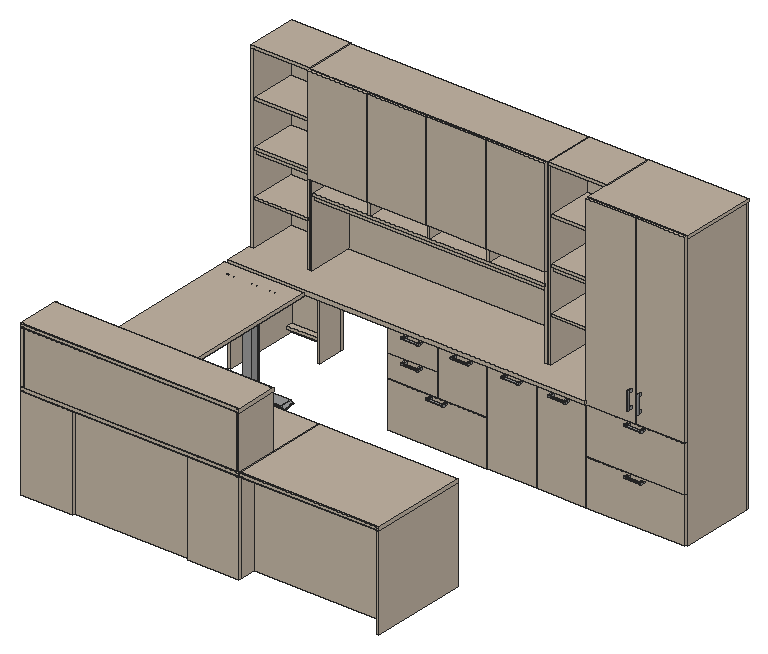
Revit family "JSI-Vision-Typical_Laminate-VST112", category Furniture, Revit 2020 (continued)
Definition of nested family "JSI-Vision-File_File_Lateral_Storage_Cabinet"
  Dimensions and locks (in)
    aligned and locked: Extrusion 8 to plane 46
    aligned and locked: plane 21 to Extrusion 8
    aligned and locked: Extrusion 11 to plane 20
    aligned and locked: plane 21 to Extrusion 11
    aligned and locked: plane 42 to nested 5
    aligned and locked: plane 43 to nested 4
    aligned and locked: plane 24 to nested 4
    aligned and locked: plane 24 to nested 5
    aligned and locked: Extrusion 8 to plane 39
    aligned and locked: plane 13 to Extrusion 9
    aligned and locked: plane 13 to Extrusion 10
    aligned and locked: plane 44 to nested 1
    aligned and locked: curve 1 to Extrusion 4
    aligned and locked: curve 2 to Extrusion 4
    aligned and locked: curve 3 to Extrusion 4
    aligned and locked: curve 4 to Extrusion 4
    aligned and locked: curve 5 to Extrusion 8
    aligned and locked: curve 6 to Extrusion 8
    aligned and locked: curve 7 to Extrusion 8
    aligned and locked: curve 8 to Extrusion 8
    aligned and locked: curve 9 to Extrusion 7
    aligned and locked: curve 10 to Extrusion 7
    aligned and locked: curve 11 to Extrusion 7
    aligned and locked: curve 12 to Extrusion 7
    aligned and locked: Extrusion 11 sketch curve to plane 40
    aligned and locked: plane 22 to Extrusion 11 sketch curve
    aligned and locked: Extrusion 11 sketch curve to Extrusion 11 sketch curve  (x2)
    aligned and locked: plane 44 to nested 5
    aligned and locked: plane 44 to nested 4
  Automatic sketch dimensions
    Extrusion 9 sketch curve to Extrusion 9 sketch curve = 3/4"
    Extrusion 10 sketch curve to Extrusion 10 sketch curve = 3/4"
    Extrusion 7 sketch curve to plane 20 = 0"
    plane 21 to Extrusion 8 sketch curve = 0"
    Extrusion 7 sketch curve to plane 30 = 1 5/8"
    Extrusion 8 sketch curve to plane 30 = 1 1/2"
    Extrusion 12 sketch curve to Extrusion 12 sketch curve = 3/4"
    Extrusion 13 sketch curve to Extrusion 13 sketch curve = 3/4"
    Extrusion 14 sketch curve to Extrusion 14 sketch curve = 3/4"
  Nested families (in)
    nested 1: "Label 1-16 OH" at (18, -23.875, 0), type "OH DOORS"
    nested 2: "Vertical Bar Pull" at (19.5625, -23.875, 34.25), Pull Finish <- "Pull Finish", type "PL"
      with Pull Finish none
    nested 3: "Vertical Bar Pull" at (16.4375, -23.875, 34.25), Pull Finish <- "Pull Finish", type "PL"
      with Pull Finish none
    nested 4: "Bar Pull" at (18, -23.875, 13.2), Pull Finish <- "Pull Finish", type "PL"
      with Pull Finish none
    nested 5: "Bar Pull" at (18, -23.875, 27.135), Pull Finish <- "Pull Finish", type "PL"
      with Pull Finish none
  Definition of nested family "Vertical Bar Pull"
    Parameters
      Pull Finish [instance] = none
      Default Elevation = 0"
    Reference planes (in)
      plane 1 "Center Front/Back": y = 0
      plane 2: z = 0
      plane 3 "Center Left/Right": x = 0
      plane 4: x = -2.68731
      plane 5: x = -1.88731
      plane 6: x = 2.68731
      plane 7: x = 1.88731
      plane 8: y = -1
      plane 9: y = -0.85202
      plane 10: z = 2.68731
      plane 11: z = 1.88731
      plane 12: z = -1.88731
      plane 13: z = -2.68731
    Forms (in)
      Extrusion 1, solid, material <- "Pull Finish"
        sketch origin (0, 0, 0) x (0, 1, 0) y (-1, 0, 0)
          loop
            line (0, -0.2015) -> (0, 0.2015) -> (-0.85202, 0.2015)
            arc (-0.85202, 0.2015) -> (-0.75, 0) -> (-0.85202, -0.2015) r 0.25
            line (-0.85202, -0.2015) -> (0, -0.2015)
        from 1.88731 to 2.68731
      Extrusion 2, solid, material <- "Pull Finish"
        sketch origin (0, 0, 0) x (0, 1, 0) y (-1, 0, 0)
          loop
            circle (-1, 0) r 0.25
        from -2.68731 to 2.68731
      Extrusion 3, solid, material <- "Pull Finish"
        sketch origin (0, 0, 0) x (1, 0, 0) y (0, 1, 0)
          loop
            line (0.2015, 0) -> (-0.2015, 0) -> (-0.2015, -0.85202)
            arc (-0.2015, -0.85202) -> (0, -0.75) -> (0.2015, -0.85202) r 0.25
            line (0.2015, -0.85202) -> (0.2015, 0)
        from 1.88731 to 2.68731
      Extrusion 4, solid, material <- "Pull Finish"
        sketch origin (0, 0, -4.57462) x (1, 0, 0) y (0, 1, 0)
          loop
            line (0.2015, 0) -> (-0.2015, 0) -> (-0.2015, -0.85202)
            arc (-0.2015, -0.85202) -> (0, -0.75) -> (0.2015, -0.85202) r 0.25
            line (0.2015, -0.85202) -> (0.2015, 0)
        from 1.88731 to 2.68731
    Dimensions and locks (in)
      plane 4 to plane 5 to plane 3 "Center Left/Right" to plane 7 to plane 6 = 0.8" locked, 1.88731" locked, 1.88731" locked, 0.8" locked
      plane 8 to plane 9 to plane 1 "Center Front/Back" = 0.14798" locked, 0.85202" locked
      plane 13 to plane 12 to plane 2 to plane 11 to plane 10 = 0.8" locked, 1.88731" locked, 1.88731" locked, 0.8" locked
      plane 1 "Center Front/Back" to plane 9 to plane 8 = 0.85202" locked, 0.14798" locked
      aligned and locked: level to plane 2
      aligned and locked: plane 8 to Extrusion 2 sketch curve
      aligned and locked: Extrusion 3 to plane 1 "Center Front/Back"
      aligned and locked: Extrusion 1 to plane 1 "Center Front/Back"
      aligned and locked: Extrusion 4 to plane 1 "Center Front/Back"
      aligned and locked: Extrusion 3 to plane 10
      aligned and locked: Extrusion 3 to plane 11
      aligned and locked: Extrusion 2 to plane 10
      aligned and locked: Extrusion 2 to plane 13
      aligned and locked: Extrusion 4 to plane 13
      aligned and locked: Extrusion 4 to plane 12
      aligned and locked: plane 1 "Center Front/Back" to Extrusion 4
      aligned and locked: plane 1 "Center Front/Back" to Extrusion 3
      aligned and locked: Extrusion 4 to plane 9
      aligned and locked: Extrusion 3 to plane 9
  Definition of nested family "Bar Pull"
    Parameters
      Pull Finish [instance] = none
      Default Elevation = 0"
    Reference planes (in)
      plane 1 "Center Front/Back": y = 0
      plane 2: z = 0
      plane 3 "Center Left/Right": x = 0
      plane 4: x = -2.68731
      plane 5: x = -1.88731
      plane 6: x = 2.68731
      plane 7: x = 1.88731
      plane 8: y = -1
      plane 9: y = -0.85202
    Forms (in)
      Extrusion 1, solid, material <- "Pull Finish"
        sketch origin (0, 0, 0) x (0, 1, 0) y (0, 0, 1)
          loop
            line (0, -0.2015) -> (0, 0.2015) -> (-0.85202, 0.2015)
            arc (-0.85202, 0.2015) -> (-0.75, 0) -> (-0.85202, -0.2015) r 0.25
            line (-0.85202, -0.2015) -> (0, -0.2015)
        from 1.88731 to 2.68731
      Extrusion 2, solid, material <- "Pull Finish"
        sketch origin (0, 0, 0) x (0, 1, 0) y (0, 0, 1)
          loop
            circle (-1, 0) r 0.25
        from -2.68731 to 2.68731
      Extrusion 3, solid, material <- "Pull Finish"
        sketch origin (0, 0, 0) x (0, 1, 0) y (0, 0, -1)
          loop
            line (0, 0.2015) -> (-0.85202, 0.2015)
            arc (-0.85202, 0.2015) -> (-0.75, 0) -> (-0.85202, -0.2015) r 0.25
            line (-0.85202, -0.2015) -> (0, -0.2015) -> (0, 0.2015)
        from 1.88731 to 2.68731
    Dimensions and locks (in)
      plane 4 to plane 5 to plane 3 "Center Left/Right" to plane 7 to plane 6 = 0.8" locked, 1.88731" locked, 1.88731" locked, 0.8" locked
      plane 8 to plane 9 to plane 1 "Center Front/Back" = 0.14798" locked, 0.85202" locked
      aligned and locked: level to plane 2
      aligned and locked: plane 4 to Extrusion 3
      aligned and locked: Extrusion 3 to plane 5
      aligned and locked: plane 4 to Extrusion 2
      aligned and locked: Extrusion 1 to plane 7
      aligned and locked: plane 6 to Extrusion 1
      aligned and locked: plane 6 to Extrusion 2
      aligned and locked: plane 8 to Extrusion 2 sketch curve
      aligned and locked: Extrusion 3 to plane 1 "Center Front/Back"
      aligned and locked: Extrusion 1 to plane 1 "Center Front/Back"
      aligned and locked: plane 5 to Extrusion 3
      aligned and locked: Extrusion 3 to plane 4
      aligned and locked: Extrusion 2 to plane 4
      aligned and locked: plane 7 to Extrusion 1
      aligned and locked: Extrusion 1 to plane 6
      aligned and locked: Extrusion 2 to plane 6
  Definition of nested family "Label 1-16 OH"
    Parameters
      Width = 1"
      Model Name = "Storage/Lat File"
    Reference planes (in)
      plane 1: y = 0
      plane 2: x = 0
    Text (in)
      label "XX" at (0.00051, -0.12324, 0), shows "Model Name"
Definition of nested family "JSI-Vision-Modular_Multi_File_Pedestal"
  Parameters (values of type "Type Catalog")
    Width = 30"
    URL = "www.jsifurniture.com"
    Tag = "Multi File"
    Series = "Vision Casegoods"  # constant formula
    Pull Finish = none
    Multi Pstn = if(L, (Width / 4) + 1/8", (3 * Width / 4) + 1/8")  # 7 5/8"
    Model = "Type Catalog"
    Manufacturer = "JSI"  # constant formula
    L = yes
    Keynote = "12500"
    JSI Enviromental website = "http://www.jsifurniture.com/jsi_sustainability_intro.php"
    Height = 28"
    Drwr Width = (Width / 2) - 1/8"  # 14 7/8"
    Description = "Type Catalog"
    Depth = 20"
    Default Elevation = 0"
    Chassis = none
    Grommet Finish = none
    Drawer Front = none
    Assembly Code = "E2020200"
  Reference planes (in)
    plane 1 "Center Front/Back": y = 0
    plane 2: z = 0
    plane 3 "Center Left/Right": x = 0
    plane 4: x = 0.125
    plane 5: x = 30.125
    plane 6: x = 30.25
    plane 7: y = -18.9795
    plane 8: y = -0.1875
    plane 9: y = -19.1095
    plane 10: x = 0.18716
    plane 11: x = 30.06243
    plane 12: y = -19.8595
    plane 13: z = 0.14093
    plane 14: z = 13.95343
    plane 15: z = 14.07843
    plane 16: z = 27.89093
    plane 17: z = 28
    plane 18: x = 0.875
    plane 19: x = 29.376
    plane 20: y = -0.9375
    plane 21: y = -18.23863
    plane 22: z = 13.20284
    plane 23: z = 26.5625
    plane 24: y = -3.9375
    plane 25: x = 15.125
    plane 26: y = -20
    plane 27: y = -9.80266
    plane 28: y = -14.80266
    plane 29: z = 27.09458
    plane 30: z = 21.04768
    plane 31: z = 20.92218
    plane 32: z = 20.17102
    plane 33: x = 7.625
    plane 34: x = 22.625
  Forms (in)
    Extrusion 1, solid, material <- "Chassis"
      sketch origin (0.125, -0.1875, 48) x (0, 1, 0) y (0, 0, 1)
        loop
          line (0, -20) -> (-1.62159, -20) -> (-18.792, -20) -> (-18.792, -48) -> (0, -48) -> (0, -20)
      from 0 to 0.75
    Extrusion 2, solid, material <- "Chassis"
      sketch origin (30.125, -0.1875, 48) x (0, 1, 0) y (0, 0, 1)
        loop
          line (0, -20) -> (-1.14496, -20) -> (-18.792, -20) -> (-18.792, -48) -> (0, -48) -> (0, -20)
      from -0.749 to 0
    Extrusion 3, solid, material <- "Drawer Front"
      sketch origin (0, 0, 0) x (1, 0, 0) y (0, 0, 1)
        loop
          line (0.18716, 13.95343) -> (0.18716, 0.14093) -> (30.06243, 0.14093) -> (30.06243, 13.95343) -> (0.18716, 13.95343)
      from 19.1095 to 19.8595
    Extrusion 4, solid, material <- "Chassis"
      sketch origin (0, 0, 0) x (1, 0, 0) y (0, 1, 0)
        loop
          line (0.875, -18.23863) -> (0.875, -18.9795) -> (29.376, -18.9795) -> (29.376, -18.23863) -> (0.875, -18.23863)
      from 0 to 1.9375
    Extrusion 5, solid, material <- "Chassis"
      sketch origin (0, 0, 0) x (0, 1, 0) y (0, 0, 1)
        loop
          line (-9.80266, 27.09458) -> (-9.80266, 27.89093) -> (-14.80266, 27.89093) -> (-14.80266, 27.09458) -> (-9.80266, 27.09458)
      from 0.875 to 29.376
    Extrusion 6, solid, material <- "Drawer Front"
      sketch origin (0, 0, 0) x (1, 0, 0) y (0, 0, 1)
        loop
          line (0.1875, 14.07843) -> (15.0625, 14.07843) -> (15.0625, 27.89093) -> (0.1875, 27.89093) -> (0.1875, 14.07843)
      from 19.1095 to 19.8595
    Extrusion 7, solid, material <- "Drawer Front"
      sketch origin (0, 0, 0) x (1, 0, 0) y (0, 0, 1)
        loop
          line (15.1875, 21.04768) -> (30.0625, 21.04768) -> (30.0625, 27.89093) -> (15.1875, 27.89093) -> (15.1875, 21.04768)
        loop
          line (15.1875, 20.92218) -> (15.1875, 14.07843) -> (30.0625, 14.07843) -> (30.0625, 20.92218) -> (15.1875, 20.92218)
      from 19.1095 to 19.8595
    Extrusion 8, solid, material <- "Chassis"
      sketch origin (0, 0, 0) x (0, 1, 0) y (0, 0, 1)
        loop
          line (-0.1875, 28) -> (-0.9375, 28) -> (-0.9375, 23) -> (-0.1875, 23) -> (-0.1875, 28)
        loop
          line (-0.1875, 5) -> (-0.9375, 5) -> (-0.9375, 0) -> (-0.1875, 0) -> (-0.1875, 5)
      from 0.875 to 29.376
  Lines and regions (in)
    symbolic lines
      curve 1: line (0.125, -18.9795, 0) -> (0.125, -0.1875, 0)
      curve 2: line (30.125, -0.1875, 0) -> (30.125, -18.9795, 0)
      curve 3: line (0.18716, -19.1095, 0) -> (30.06243, -19.1095, 0)
      curve 4: line (0.18716, -19.8595, 0) -> (0.18716, -19.1095, 0)
      curve 5: line (30.06243, -19.8595, 0) -> (0.18716, -19.8595, 0)
      curve 6: line (30.06243, -19.1095, 0) -> (30.06243, -19.8595, 0)
      curve 7: line (0.875, -0.9375, 0) -> (0.875, -18.9795, 0)
      curve 8: line (0.125, -18.9795, 0) -> (0.875, -18.9795, 0)
      curve 9: line (29.376, -0.9375, 0) -> (29.376, -18.9795, 0)
      curve 10: line (29.376, -18.9795, 0) -> (30.125, -18.9795, 0)
      curve 11: line (0.875, -14.80266, 0) -> (29.376, -14.80266, 0)
      curve 12: line (0.875, -9.80266, 0) -> (29.376, -9.80266, 0)
      curve 13: line (30.125, -0.1875, 0) -> (0.125, -0.1875, 0)
      curve 14: line (0.875, -0.9375, 0) -> (29.376, -0.9375, 0)
  Dimensions and locks (in)
    plane 3 "Center Left/Right" to plane 4 = 1/8"
    locked: plane 5 to plane 6 at 0.125
    "Width": plane 4 to plane 5
    locked: plane 1 "Center Front/Back" to plane 8 at 0.1875
    "Height": plane 17 to level
    locked: plane 8 to plane 20 at 0.75
    plane 21 to plane 7 to plane 9 to plane 12 = 0.74087" locked, 0.13" locked, 3/4" locked
    plane 4 to plane 10 to plane 18 = 0.06216" locked, 0.68784" locked
    plane 19 to plane 11 to plane 5 = 0.68644" locked, 0.06257" locked
    locked: plane 17 to plane 23 at 1.4375
    locked: plane 1 "Center Front/Back" to plane 24 at 3.9375
    plane 3 "Center Left/Right" to plane 25 to plane 6 = 15 1/8", 15 1/8"
    "Depth": plane 26 to plane 1 "Center Front/Back"
    locked: plane 12 to plane 26 at 0.1405
    plane 27 to plane 28 to plane 26 = 5" locked, 5.19734" locked
    equal spacing: Extrusion 7 sketch curve, plane 34, Extrusion 7 sketch curve
    "Drwr Width": Extrusion 7 sketch curve to Extrusion 7 sketch curve
    equal spacing: Extrusion 6 sketch curve, plane 33, Extrusion 6 sketch curve
    "Drwr Width": Extrusion 6 sketch curve to Extrusion 6 sketch curve
    "Multi Pstn": plane 33 to plane 3 "Center Left/Right"
    "Multi Pstn": plane 34 to plane 6
    plane 33 to plane 6 = 22 5/8"
    plane 17 to plane 16 to plane 30 to plane 31 to plane 15 to plane 14 to plane 13 to plane 2 = 0.10907" locked, 6.84325" locked, 0.1255" locked, 6 27/32" locked, 1/8" locked, 13 13/16" locked, 0.14093" locked
    plane 29 to plane 32 to plane 22 to plane 2 = 6.92356" locked, 6.96819" locked, 13.20284" locked
    locked: plane 17 to Extrusion 8 sketch curve at 5
    locked: plane 2 to Extrusion 8 sketch curve at 5
    aligned and locked: level to plane 2
    aligned and locked: Extrusion 1 sketch curve to plane 7
    aligned and locked: Extrusion 1 sketch curve to level
    aligned and locked: Extrusion 2 sketch curve to plane 17
    aligned and locked: level to Extrusion 2 sketch curve
    aligned and locked: plane 7 to Extrusion 2 sketch curve
    aligned and locked: Extrusion 3 sketch curve to plane 14
    aligned and locked: Extrusion 3 sketch curve to plane 10
    aligned and locked: plane 13 to Extrusion 3 sketch curve
    aligned and locked: plane 11 to Extrusion 3 sketch curve
    aligned and locked: Extrusion 3 to plane 12
    aligned and locked: plane 9 to Extrusion 3
    aligned and locked: Extrusion 4 sketch curve to plane 21
    aligned and locked: plane 18 to Extrusion 4 sketch curve
    aligned and locked: plane 22 to nested 1
    aligned and locked: nested 1 to plane 12
    aligned and locked: nested 2 to plane 12
    aligned and locked: plane 12 to nested 3
    aligned and locked: plane 27 to Extrusion 5 sketch curve
    aligned and locked: Extrusion 5 sketch curve to plane 29
    aligned and locked: Extrusion 5 sketch curve to plane 28
    aligned and locked: plane 16 to Extrusion 5 sketch curve
    aligned and locked: Extrusion 5 to plane 18
    aligned and locked: plane 19 to Extrusion 5
    aligned and locked: nested 4 to plane 25
    aligned and locked: nested 4 to plane 26
    aligned and locked: plane 16 to Extrusion 6 sketch curve
    aligned and locked: Extrusion 6 sketch curve to plane 15
    aligned and locked: Extrusion 7 sketch curve to plane 31
    aligned and locked: Extrusion 7 sketch curve to plane 30
    aligned and locked: plane 16 to Extrusion 7 sketch curve
    aligned and locked: plane 15 to Extrusion 7 sketch curve
    aligned and locked: Extrusion 6 to plane 12
    aligned and locked: Extrusion 7 to plane 12
    aligned and locked: plane 9 to Extrusion 6
    aligned and locked: plane 9 to Extrusion 7
    aligned and locked: nested 2 to plane 33
    aligned and locked: nested 3 to plane 34
    aligned and locked: nested 5 to plane 32
    aligned and locked: nested 5 to plane 34
    aligned and locked: Extrusion 7 sketch curve to Extrusion 7 sketch curve  (x2)
    aligned and locked: plane 12 to nested 5
    aligned and locked: curve 11 to Extrusion 5
    aligned and locked: curve 12 to Extrusion 5
    aligned and locked: nested 1 to plane 25
    aligned and locked: plane 8 to Extrusion 1
    aligned and locked: plane 8 to Extrusion 2
    aligned and locked: Extrusion 8 sketch curve to plane 17
    aligned and locked: Extrusion 8 sketch curve to plane 8  (x2)
    aligned and locked: plane 20 to Extrusion 8 sketch curve  (x2)
    aligned and locked: plane 2 to Extrusion 8 sketch curve
    aligned and locked: Extrusion 8 to plane 18
    aligned and locked: plane 19 to Extrusion 8
    aligned and locked: curve 13 to Extrusion 8
    aligned and locked: curve 14 to Extrusion 8
  Automatic sketch dimensions
    Extrusion 1 sketch curve to plane 17 = 0"
    Extrusion 1 sketch curve to Extrusion 1 sketch curve = 1.62159"
    Extrusion 2 sketch curve to plane 20 = 0.39496"
    plane 20 to Extrusion 1 sketch curve = 3/4"
    Extrusion 4 sketch curve to plane 7 = 0"
    Extrusion 4 sketch curve to plane 19 = 0"
    plane 20 to Extrusion 2 sketch curve = 3/4"
    curve 13 to plane 4 = 0"
    curve 5 to plane 10 = 0"
    curve 11 to plane 18 = 0"
    curve 12 to plane 19 = 0"
    curve 6 to plane 11 = 0"
    curve 2 to plane 5 = 0"
    curve 4 to plane 12 = 0"
    curve 3 to plane 9 = 0"
    curve 10 to plane 7 = 0"
    curve 1 to plane 7 = 0"
  Nested families (in)
    nested 1: "Bar Pull" at (15.125, -19.8595, 13.20284), Pull Finish <- "Pull Finish", type "PL"
      with Pull Finish none
    nested 2: "Bar Pull" at (7.625, -19.8595, 27.09458), Pull Finish <- "Pull Finish", type "PL"
      with Pull Finish none
    nested 3: "Bar Pull" at (22.625, -19.8595, 27.09458) x (-1, 0, 0) z (0, 0, 1), Pull Finish <- "Pull Finish", type "PL"
      with Pull Finish none
    nested 4: "Label 1-16" at (15.125, -20, 0), type "DRWCFG"
    nested 5: "Bar Pull" at (22.625, -19.8595, 20.17102) x (-1, 0, 0) z (0, 0, 1), Pull Finish <- "Pull Finish", type "PL"
      with Pull Finish none
  Definition of nested family "Bar Pull"
    Parameters
      Pull Finish [instance] = none
      Default Elevation = 0"
    Reference planes (in)
      plane 1 "Center Front/Back": y = 0
      plane 2: z = 0
      plane 3 "Center Left/Right": x = 0
      plane 4: x = -2.68731
      plane 5: x = -1.88731
      plane 6: x = 2.68731
      plane 7: x = 1.88731
      plane 8: y = -1
      plane 9: y = -0.85202
    Forms (in)
      Extrusion 1, solid, material <- "Pull Finish"
        sketch origin (0, 0, 0) x (0, 1, 0) y (0, 0, 1)
          loop
            line (0, -0.2015) -> (0, 0.2015) -> (-0.85202, 0.2015)
            arc (-0.85202, 0.2015) -> (-0.75, 0) -> (-0.85202, -0.2015) r 0.25
            line (-0.85202, -0.2015) -> (0, -0.2015)
        from 1.88731 to 2.68731
      Extrusion 2, solid, material <- "Pull Finish"
        sketch origin (0, 0, 0) x (0, 1, 0) y (0, 0, 1)
          loop
            circle (-1, 0) r 0.25
        from -2.68731 to 2.68731
      Extrusion 3, solid, material <- "Pull Finish"
        sketch origin (0, 0, 0) x (0, 1, 0) y (0, 0, -1)
          loop
            line (0, 0.2015) -> (-0.85202, 0.2015)
            arc (-0.85202, 0.2015) -> (-0.75, 0) -> (-0.85202, -0.2015) r 0.25
            line (-0.85202, -0.2015) -> (0, -0.2015) -> (0, 0.2015)
        from 1.88731 to 2.68731
    Dimensions and locks (in)
      plane 4 to plane 5 to plane 3 "Center Left/Right" to plane 7 to plane 6 = 0.8" locked, 1.88731" locked, 1.88731" locked, 0.8" locked
      plane 8 to plane 9 to plane 1 "Center Front/Back" = 0.14798" locked, 0.85202" locked
      aligned and locked: level to plane 2
      aligned and locked: plane 4 to Extrusion 3
      aligned and locked: Extrusion 3 to plane 5
      aligned and locked: plane 4 to Extrusion 2
      aligned and locked: Extrusion 1 to plane 7
      aligned and locked: plane 6 to Extrusion 1
      aligned and locked: plane 6 to Extrusion 2
      aligned and locked: plane 8 to Extrusion 2 sketch curve
      aligned and locked: Extrusion 3 to plane 1 "Center Front/Back"
      aligned and locked: Extrusion 1 to plane 1 "Center Front/Back"
      aligned and locked: plane 5 to Extrusion 3
      aligned and locked: Extrusion 3 to plane 4
      aligned and locked: Extrusion 2 to plane 4
      aligned and locked: plane 7 to Extrusion 1
      aligned and locked: Extrusion 1 to plane 6
      aligned and locked: Extrusion 2 to plane 6
  Definition of nested family "Label 1-16"
    Parameters
      Width = 1"
      Model Name = "2 Drw - 2 Drs"
    Reference planes (in)
      plane 1: y = 0
      plane 2: x = 0
    Text (in)
      label "XX" at (0.00051, -0.12324, 0), shows "Model Name"
Definition of nested family "JSI-Vision-Modular_Door_Pedestal"
  Parameters (values of type "Type Catalog")
    Width = 30"
    URL = "www.jsifurniture.com"
    Type Comments = ""
    Tag = "2 Doors"
    Series = "Vision Casegoods"  # constant formula
    Pull Finish = none
    Model = "Type Catalog"
    Material = ""
    Manufacturer = "JSI"  # constant formula
    Keynote = "12500"
    JSI Enviromental Website = "http://www.jsifurniture.com/jsi_sustainability_intro.php"
    Height = 28"
    Grommet Finish = none
    Door Front = none
    Description = "Type Catalog"
    Depth = 20"
    Default Elevation = 0"
    Chassis = none
    Assembly Code = "E2020200"
  Reference planes (in)
    plane 1 "Center Front/Back": y = 0
    plane 2: z = 0
    plane 3 "Center Left/Right": x = 0
    plane 4: z = 0
    plane 5: x = 30
    plane 6: x = 0.125
    plane 7: x = 0.875
    plane 8: y = -3.9375
    plane 9: y = -0.1875
    plane 10: y = -0.9375
    plane 11: x = 15
    plane 12: z = 28
    plane 13: x = 29.875
    plane 14: x = 29.125
    plane 15: x = 0.1875
    plane 16: x = 14.9375
    plane 17: x = 7.90625
    plane 18: z = 27.86195
    plane 19: z = 27.11797
    plane 20: x = 22.0625
    plane 21: x = 15.0625
    plane 22: z = 27.1875
    plane 23: y = -14.61516
    plane 24: y = -9.61516
    plane 25: y = -18.875
    plane 26: y = -19.75
    plane 27: y = -19
    plane 28: y = -20
    plane 29: x = 29.8125
  Forms (in)
    Extrusion 1, solid, material <- "Chassis"
      sketch origin (0.125, -0.1875, 48) x (0, 1, 0) y (0, 0, 1)
        loop
          line (0, -20) -> (-1.5756, -20) -> (-18.6875, -20) -> (-18.6875, -48) -> (0, -48) -> (0, -20)
      from 0 to 0.75
    Extrusion 2, solid, material <- "Chassis"
      sketch origin (0.125, -0.1875, 48) x (0, 1, 0) y (0, 0, 1)
        loop
          line (-17.8125, -46.125) -> (-18.5625, -46.125) -> (-18.5625, -48) -> (-17.8125, -48) -> (-17.8125, -46.125)
      from 0.75 to 29
    Extrusion 3, solid, material <- "Chassis"
      sketch origin (29.875, -0.1875, 48) x (0, 1, 0) y (0, 0, -1)
        loop
          line (0, 20) -> (0, 48) -> (-18.6875, 48) -> (-18.6875, 20) -> (-1.44082, 20) -> (0, 20)
      from 0 to 0.75
    Extrusion 4, solid, material <- "Door Front"
      sketch origin (15.815, -23, 47.1875) x (0, 1, 0) y (0, 0, 1)
        loop
          line (4, -19.32555) -> (3.25, -19.32555) -> (3.25, -47.0625) -> (4, -47.0625) -> (4, -19.32555)
      from -15.6275 to -0.8775
    Extrusion 5, solid, material <- "Chassis"
      sketch origin (15.815, -23.25, 48) x (0, 1, 0) y (0, 0, 1)
        loop
          line (13.63484, -20.8125) -> (13.63484, -20.13805) -> (8.63484, -20.13805) -> (8.63484, -20.8125) -> (13.63484, -20.8125)
      from -14.94 to 13.31
    Extrusion 6, solid, material <- "Door Front"
      sketch origin (20.185, -23, 47.1875) x (0, 1, 0) y (0, 0, -1)
        loop
          line (4, 19.32555) -> (4, 47.0625) -> (3.25, 47.0625) -> (3.25, 19.32555) -> (4, 19.32555)
      from -9.6275 to 5.1225
    Extrusion 7, solid, material <- "Chassis"
      sketch origin (15.815, -23.25, 48) x (0, 1, 0) y (0, 0, 1)
        loop
          line (23.0625, -20) -> (22.8125, -20) -> (22.8125, -48) -> (23.0625, -48) -> (23.0625, -20)
      from -14.94 to 13.31
    Extrusion 8, solid, material <- "Chassis"
      sketch origin (15.815, -23.25, 48) x (0, 1, 0) y (0, 0, 1)
        loop
          line (5.25, -46.8125) -> (22.8125, -46.8125) -> (22.8125, -46.0625) -> (5.25, -46.0625) -> (5.25, -46.8125)
      from -14.94 to 13.31
    Extrusion 9, solid, material <- "Chassis"
      sketch origin (15.815, -23.25, 48) x (0, 1, 0) y (0, 0, 1)
        loop
          line (6.8125, -32.64469) -> (6.8125, -33.39469) -> (22.8125, -33.39469) -> (22.8125, -32.64469) -> (6.8125, -32.64469)
      from -14.94 to 13.31
  Lines and regions (in)
    symbolic lines
      curve 1: line (0.125, -0.1875, 0) -> (0.125, -18.875, 0)
      curve 2: line (0.125, -18.875, 0) -> (0.875, -18.875, 0)
      curve 3: line (0.875, -18.875, 0) -> (0.875, -0.1875, 0)
      curve 4: line (29.875, -0.1875, 0) -> (29.875, -18.875, 0)
      curve 5: line (29.875, -18.875, 0) -> (29.125, -18.875, 0)
      curve 6: line (29.125, -18.875, 0) -> (29.125, -0.1875, 0)
      curve 7: line (0.875, -9.61516, 0) -> (29.125, -9.61516, 0)
      curve 8: line (0.875, -14.61516, 0) -> (29.125, -14.61516, 0)
      curve 9: line (0.1875, -19, 0) -> (0.1875, -19.75, 0)
      curve 10: line (0.1875, -19.75, 0) -> (14.9375, -19.75, 0)
      curve 11: line (14.9375, -19.75, 0) -> (14.9375, -19, 0)
      curve 12: line (14.9375, -19, 0) -> (0.1875, -19, 0)
      curve 13: line (15.0625, -19, 0) -> (15.0625, -19.75, 0)
      curve 14: line (15.0625, -19.75, 0) -> (29.8125, -19.75, 0)
      curve 15: line (29.8125, -19.75, 0) -> (29.8125, -19, 0)
      curve 16: line (29.8125, -19, 0) -> (15.0625, -19, 0)
      curve 17: line (0.875, -0.1875, 0) -> (0.125, -0.1875, 0)
      curve 18: line (29.875, -0.1875, 0) -> (29.125, -0.1875, 0)
      curve 19: line (29.125, -0.1875, 0) -> (0.875, -0.1875, 0)
      curve 20: line (0.875, -0.4375, 0) -> (29.125, -0.4375, 0)
  Dimensions and locks (in)
    "Width": plane 3 "Center Left/Right" to plane 5
    plane 3 "Center Left/Right" to plane 6 to plane 7 = 1/8" locked, 3/4" locked
    plane 10 to plane 9 to plane 1 "Center Front/Back" = 3/4" locked, 3/16" locked
    equal spacing: plane 3 "Center Left/Right", plane 11, plane 5
    plane 5 to plane 13 to plane 14 = 1/8" locked, 3/4" locked
    equal spacing: plane 7, plane 17, plane 16
    "Height": level to plane 12
    plane 24 to plane 23 to plane 25 to plane 27 to plane 26 = 5" locked, 4.25984" locked, 1/8" locked, 3/4" locked
    "Depth": plane 1 "Center Front/Back" to plane 28
    locked: plane 26 to plane 28 at 0.25
    equal spacing: plane 11, plane 20, plane 14
    plane 16 to plane 11 to plane 21 = 1/16" locked, 1/16" locked
    locked: plane 6 to plane 15 at 0.0625
    locked: plane 29 to plane 13 at 0.0625
    Extrusion 2 sketch curve to Extrusion 2 sketch curve to plane 27 = 3/4" locked, 1/4" locked
    locked: plane 4 to Extrusion 2 sketch curve at 1.875
    locked: plane 9 to Extrusion 7 sketch curve at 0.25
    plane 4 to Extrusion 8 sketch curve to Extrusion 8 sketch curve = 1 3/16" locked, 3/4" locked
    locked: Extrusion 8 sketch curve to plane 27 at 1
    locked: plane 9 to Extrusion 8 sketch curve at 0.25
    plane 19 to plane 18 to plane 12 = 0.74398" locked, 0.13805" locked
    locked: plane 10 to Extrusion 9 sketch curve at 15.5
    Extrusion 9 sketch curve to Extrusion 9 sketch curve to plane 4 = 3/4" locked, 14.60531" locked
    locked: plane 1 "Center Front/Back" to Extrusion 9 sketch curve at 0.4375
    aligned and locked: level to plane 2
    aligned and locked: plane 7 to Extrusion 1
    aligned and locked: Extrusion 3 to plane 14
    aligned and locked: Extrusion 2 to plane 7
    aligned and locked: Extrusion 2 to plane 14
    aligned and locked: plane 15 to Extrusion 4
    aligned and locked: Extrusion 4 to plane 16
    aligned and locked: nested 1 to plane 19
    aligned and locked: nested 1 to plane 17
    aligned and locked: nested 2 to plane 11
    aligned and locked: Extrusion 5 sketch curve to plane 18
    aligned and locked: plane 24 to Extrusion 5 sketch curve
    aligned and locked: Extrusion 5 sketch curve to plane 22
    aligned and locked: Extrusion 5 sketch curve to plane 23
    aligned and locked: Extrusion 5 to plane 7
    aligned and locked: Extrusion 5 to plane 14
    aligned and locked: plane 27 to Extrusion 4
    aligned and locked: Extrusion 4 to plane 26
    aligned and locked: plane 20 to nested 3
    aligned and locked: plane 19 to nested 3
    aligned and locked: Extrusion 6 to plane 26
    aligned and locked: plane 27 to Extrusion 6
    aligned and locked: plane 16 to Extrusion 4  (x3)
    aligned and locked: Extrusion 6 to plane 21
    aligned and locked: plane 21 to Extrusion 6  (x2)
    aligned and locked: Extrusion 4 to plane 15  (x2)
    aligned and locked: nested 1 to plane 26
    aligned and locked: plane 26 to nested 3
    aligned and locked: nested 3 to plane 26
    aligned and locked: curve 7 to Extrusion 5
    aligned and locked: curve 8 to Extrusion 5
    aligned and locked: nested 2 to plane 26
    aligned and locked: Extrusion 4 to plane 18
    aligned and locked: Extrusion 6 to plane 18
    aligned and locked: Extrusion 6 to plane 29
    aligned and locked: curve 13 to plane 21
    aligned and locked: curve 11 to plane 16
    aligned and locked: plane 4 to Extrusion 2 sketch curve
    aligned and locked: plane 9 to Extrusion 1
    aligned and locked: plane 9 to Extrusion 3
    aligned and locked: curve 6 to Extrusion 3
    aligned and locked: curve 17 to Extrusion 1
    aligned and locked: curve 18 to Extrusion 3
    aligned and locked: Extrusion 7 sketch curve to plane 9
    aligned and locked: plane 12 to Extrusion 7 sketch curve
    aligned and locked: plane 2 to Extrusion 7 sketch curve
    aligned and locked: Extrusion 7 to plane 7
    aligned and locked: Extrusion 7 to plane 14
    aligned and locked: curve 19 to Extrusion 7
    aligned and locked: curve 20 to Extrusion 7
    aligned and locked: Extrusion 8 to plane 7
    aligned and locked: Extrusion 8 to plane 14
    aligned and locked: Extrusion 9 to plane 7
    aligned and locked: Extrusion 9 to plane 14
  Automatic sketch dimensions
    plane 12 to Extrusion 1 sketch curve = 0"
    Extrusion 1 sketch curve to plane 25 = 0"
    Extrusion 1 sketch curve to level = 0"
    plane 10 to Extrusion 1 sketch curve = 3/4"
    plane 12 to Extrusion 3 sketch curve = 0"
    Extrusion 3 sketch curve to plane 25 = 0"
    Extrusion 3 sketch curve to level = 0"
    Extrusion 3 sketch curve to plane 10 = 3/4"
    Extrusion 4 sketch curve to plane 26 = 0"
    Extrusion 4 sketch curve to plane 27 = 0"
    level to Extrusion 4 sketch curve = 1/8"
    Extrusion 6 sketch curve to plane 26 = 0"
    Extrusion 6 sketch curve to plane 27 = 0"
    level to Extrusion 6 sketch curve = 1/8"
    plane 22 to Extrusion 4 sketch curve = 0.67445"
    plane 22 to Extrusion 6 sketch curve = 0.67445"
    Extrusion 1 sketch curve to Extrusion 1 sketch curve = 1.5756"
    plane 10 to Extrusion 3 sketch curve = 0.69082"
    curve 1 to plane 6 = 0"
    curve 12 to plane 15 = 0"
    curve 3 to plane 7 = 0"
    curve 16 to plane 27 = 0"
    curve 16 to plane 29 = 0"
    curve 5 to plane 25 = 0"
    curve 9 to plane 26 = 0"
    curve 15 to plane 26 = 0"
    curve 12 to plane 27 = 0"
    curve 1 to plane 25 = 0"
    curve 5 to plane 13 = 0"
  Nested families (in)
    nested 1: "Bar Pull" at (7.90625, -19.75, 27.11797), Pull Finish <- "Pull Finish", type "PL"
      with Pull Finish none
    nested 2: "Label 1-16" at (15, -19.75, 0), type "DRWCFG"
    nested 3: "Bar Pull" at (22.0625, -19.75, 27.11797) x (-1, 0, 0) z (0, 0, 1), Pull Finish <- "Pull Finish", type "PL"
      with Pull Finish none
  Definition of nested family "Bar Pull"
    Parameters
      Pull Finish [instance] = none
      Default Elevation = 0"
    Reference planes (in)
      plane 1 "Center Front/Back": y = 0
      plane 2: z = 0
      plane 3 "Center Left/Right": x = 0
      plane 4: x = -2.68731
      plane 5: x = -1.88731
      plane 6: x = 2.68731
      plane 7: x = 1.88731
      plane 8: y = -1
      plane 9: y = -0.85202
    Forms (in)
      Extrusion 1, solid, material <- "Pull Finish"
        sketch origin (0, 0, 0) x (0, 1, 0) y (0, 0, 1)
          loop
            line (0, -0.2015) -> (0, 0.2015) -> (-0.85202, 0.2015)
            arc (-0.85202, 0.2015) -> (-0.75, 0) -> (-0.85202, -0.2015) r 0.25
            line (-0.85202, -0.2015) -> (0, -0.2015)
        from 1.88731 to 2.68731
      Extrusion 2, solid, material <- "Pull Finish"
        sketch origin (0, 0, 0) x (0, 1, 0) y (0, 0, 1)
          loop
            circle (-1, 0) r 0.25
        from -2.68731 to 2.68731
      Extrusion 3, solid, material <- "Pull Finish"
        sketch origin (0, 0, 0) x (0, 1, 0) y (0, 0, -1)
          loop
            line (0, 0.2015) -> (-0.85202, 0.2015)
            arc (-0.85202, 0.2015) -> (-0.75, 0) -> (-0.85202, -0.2015) r 0.25
            line (-0.85202, -0.2015) -> (0, -0.2015) -> (0, 0.2015)
        from 1.88731 to 2.68731
    Dimensions and locks (in)
      plane 4 to plane 5 to plane 3 "Center Left/Right" to plane 7 to plane 6 = 0.8" locked, 1.88731" locked, 1.88731" locked, 0.8" locked
      plane 8 to plane 9 to plane 1 "Center Front/Back" = 0.14798" locked, 0.85202" locked
      aligned and locked: level to plane 2
      aligned and locked: plane 4 to Extrusion 3
      aligned and locked: Extrusion 3 to plane 5
      aligned and locked: plane 4 to Extrusion 2
      aligned and locked: Extrusion 1 to plane 7
      aligned and locked: plane 6 to Extrusion 1
      aligned and locked: plane 6 to Extrusion 2
      aligned and locked: plane 8 to Extrusion 2 sketch curve
      aligned and locked: Extrusion 3 to plane 1 "Center Front/Back"
      aligned and locked: Extrusion 1 to plane 1 "Center Front/Back"
      aligned and locked: plane 5 to Extrusion 3
      aligned and locked: Extrusion 3 to plane 4
      aligned and locked: Extrusion 2 to plane 4
      aligned and locked: plane 7 to Extrusion 1
      aligned and locked: Extrusion 1 to plane 6
      aligned and locked: Extrusion 2 to plane 6
  Definition of nested family "Label 1-16"
    Parameters
      Width = 1"
      Model Name = "2 Drw - 2 Drs"
    Reference planes (in)
      plane 1: y = 0
      plane 2: x = 0
    Text (in)
      label "XX" at (0.00051, -0.12324, 0), shows "Model Name"
Definition of nested family "JSI-Vision-Rectangle_Desk_Top"
  Parameters (values of type "Type Catalog")
    Worksurface = none
    Width = 42"
    URL = "www.jsifurniture.com"
    Type Comments = ""
    Series = "Vision Casegoods"  # constant formula
    Model = "Type Catalog"
    Material = ""
    Manufacturer = "JSI"  # constant formula
    Keynote = "12500"
    JSI Enviromental Website = "http://www.jsifurniture.com/jsi_sustainability_intro.php"
    Height = 30"
    Description = "Type Catalog"
    Depth = 30"
    Default Elevation = 0"
    Assembly Code = "E2020200"
  Reference planes (in)
    plane 1 "Center Front/Back": y = 0
    plane 2: z = 0
    plane 3 "Center Left/Right": x = 0
    plane 4: z = 0
    plane 5: x = 42
    plane 6: y = -30
    plane 7: z = 31.1875
    plane 8: z = 30
  Forms (in)
    Extrusion 1, solid, material <- "Worksurface"
      sketch origin (0, 0, 28) x (0, 1, 0) y (0, 0, 1)
        loop
          line (-29.88189, 2) -> (0, 2) -> (0, 3.1875) -> (-29.88189, 3.1875)
          arc (-29.88189, 3.1875) -> (-29.96541, 3.15291) -> (-30, 3.06939) r 0.11811
          line (-30, 3.06939) -> (-30, 2.11811)
          arc (-30, 2.11811) -> (-29.96541, 2.03459) -> (-29.88189, 2) r 0.11811
      from 0 to 42
  Lines and regions (in)
    symbolic lines
      curve 1: line (0, 0, 0) -> (42, 0, 0)
      curve 2: line (0, -30, 0) -> (0, 0, 0)
      curve 3: line (42, -30, 0) -> (0, -30, 0)
      curve 4: line (42, 0, 0) -> (42, -30, 0)
  Dimensions and locks (in)
    "Depth": plane 6 to plane 1 "Center Front/Back"
    "Width": plane 5 to plane 3 "Center Left/Right"
    locked: plane 7 to plane 8 at 1.1875
    "Height": plane 8 to level
    aligned and locked: level to plane 2
    aligned and locked: plane 5 to Extrusion 1
    aligned and locked: curve 1 to Extrusion 1
    aligned and locked: curve 2 to Extrusion 1
    aligned and locked: plane 6 to curve 3
    aligned and locked: curve 4 to plane 5
    aligned and locked: Extrusion 1 to plane 8
    aligned and locked: Extrusion 1 to plane 7
  Automatic sketch dimensions
    Extrusion 1 sketch curve to plane 6 = 0"
    level to Extrusion 1 sketch curve = 30"
    Extrusion 1 sketch curve to plane 7 = 0"
    Extrusion 1 sketch curve to plane 1 "Center Front/Back" = 0"
    Extrusion 1 sketch curve to Extrusion 1 sketch curve = 0.11811"
    plane 6 to Extrusion 1 sketch curve = 0.11811"
Definition of nested family "JSI-Vision-Shell_Desk-Break_Front_Modesty"
  Parameters (values of type "Type Catalog")
    Worksurface = none
    Width = 60"
    URL = "www.jsifurniture.com"
    Type Comments = ""
    Series = "Vision Casegoods"  # constant formula
    Model = "Type Catalog"
    Material = ""
    Manufacturer = "JSI"  # constant formula
    Keynote = "12500"
    JSI Enviromental Website = "http://www.jsifurniture.com/jsi_sustainability_intro.php"
    Height = 29 3/16"
    Grommet Finish = none
    Description = "Type Catalog"
    Depth = 30"
    Default Elevation = 0"
    Chassis = none
    Assembly Code = "E2020200"
  Reference planes (in)
    plane 1 "Center Front/Back": y = 0
    plane 2: z = 0
    plane 3 "Center Left/Right": x = 0
    plane 4: z = 0
    plane 5: y = -30
    plane 6: x = 60
    plane 7: y = -15
    plane 8: x = 30
    plane 9: z = 29.1875
    plane 10: z = 28
    plane 11: y = -0.875
  Forms (in)
    Extrusion 1, solid, material <- "Chassis"
      sketch origin (0, 0, 0) x (0, 1, 0) y (0, 0, 1)
        loop
          line (-1.82417, 28) -> (-29.81251, 28) -> (-29.81251, 0) -> (-0.875, 0) -> (-0.875, 28) -> (-1.82417, 28)
      from 0.125 to 0.874
    Extrusion 2, solid, material <- "Chassis"
      sketch origin (60, 0, 0) x (0, 1, 0) y (0, 0, -1)
        loop
          line (-1.82365, -28) -> (-0.875, -28) -> (-0.875, 0) -> (-29.81251, 0) -> (-29.81251, -28) -> (-1.82365, -28)
      from 0.125 to 0.874
    Extrusion 3, solid, material <- "Chassis"
      sketch origin (0, 0, 0) x (1, 0, 0) y (0, 1, 0)
        loop
          line (0.125, -0.125) -> (0.125, -0.875) -> (15.749, -0.875) -> (15.749, -0.125) -> (0.125, -0.125)
      from 0 to 28
    Extrusion 4, solid, material <- "Chassis"
      sketch origin (60, 0, 0) x (-1, 0, 0) y (0, -1, 0)
        loop
          line (0.125, 0.125) -> (15.749, 0.125) -> (15.749, 0.875) -> (0.125, 0.875) -> (0.125, 0.125)
      from 0 to 28
    Extrusion 5, solid, material <- "Chassis"
      sketch origin (0, 0, 0) x (1, 0, 0) y (0, 1, 0)
        loop
          line (13.375, -0.875) -> (13.375, -1.625) -> (46.625, -1.625) -> (46.625, -0.875) -> (13.375, -0.875)
      from 0 to 28
    Extrusion 6, solid, material <- "Worksurface"
      sketch origin (0, 0, 0) x (0, 1, 0) y (0, 0, 1)
        loop
          line (-0.11811, 29.1875) -> (-29.88189, 29.1875)
          arc (-29.88189, 29.1875) -> (-29.96541, 29.15291) -> (-30, 29.06939) r 0.11811
          line (-30, 29.06939) -> (-30, 28.11811)
          arc (-30, 28.11811) -> (-29.96541, 28.03459) -> (-29.88189, 28) r 0.11811
          line (-29.88189, 28) -> (-0.11811, 28)
          arc (-0.11811, 28) -> (-0.03459, 28.03459) -> (0, 28.11811) r 0.11811
          line (0, 28.11811) -> (0, 29.06939)
          arc (0, 29.06939) -> (-0.03459, 29.15291) -> (-0.11811, 29.1875) r 0.11811
      from 0 to 60
  Lines and regions (in)
    symbolic lines
      curve 1: line (0, 0, 0) -> (60, 0, 0)
      curve 2: line (0, -30, 0) -> (0, 0, 0)
      curve 3: line (60, -30, 0) -> (0, -30, 0)
      curve 4: line (60, 0, 0) -> (60, -30, 0)
      curve 5: line (0.874, -29.81251, 0) -> (0.874, -0.875, 0)
      curve 6: line (13.375, -0.875, 0) -> (13.375, -1.625, 0)
      curve 7: line (13.375, -1.625, 0) -> (46.625, -1.625, 0)
      curve 8: line (46.625, -1.625, 0) -> (46.625, -0.875, 0)
      curve 9: line (44.251, 0, 0) -> (44.251, -0.875, 0)
      curve 10: line (59.126, -0.875, 0) -> (0.874, -0.875, 0)
      curve 11: line (15.749, -0.875, 0) -> (15.749, 0, 0)
      curve 12: line (59.126, -0.875, 0) -> (59.126, -29.81251, 0)
      curve 13: line (59.126, -29.81251, 0) -> (60, -29.81251, 0)
      curve 14: line (0, -29.81251, 0) -> (0.874, -29.81251, 0)
  Dimensions and locks (in)
    equal spacing: plane 3 "Center Left/Right", plane 8, plane 6
    equal spacing: plane 1 "Center Front/Back", plane 7, plane 5
    "Width": plane 3 "Center Left/Right" to plane 6
    "Depth": plane 1 "Center Front/Back" to plane 5
    "Height": plane 9 to level
    locked: plane 9 to plane 10 at 1.1875
    plane 3 "Center Left/Right" to Extrusion 1 to Extrusion 1 = 1/8" locked, 0.749" locked
    Extrusion 2 to Extrusion 2 to Extrusion 6 = 0.749" locked, 1/8" locked
    locked: plane 1 "Center Front/Back" to plane 11 at 0.875
    Extrusion 5 to Extrusion 5 to Extrusion 3 = 3/4" locked, 3/4" locked
    plane 3 "Center Left/Right" to Extrusion 3 = 15.749"
    locked: Extrusion 4 to plane 6 at 15.749
    locked: plane 3 "Center Left/Right" to Extrusion 5 at 13.375
    locked: Extrusion 5 to plane 6 at 13.375
    locked: plane 5 to Extrusion 1 at 0.18749
    locked: plane 5 to Extrusion 2 at 0.18749
    aligned and locked: level to plane 2
    aligned and locked: plane 9 to Extrusion 6
    aligned and locked: plane 10 to Extrusion 6
    aligned and locked: Extrusion 2 to plane 10
    aligned and locked: Extrusion 4 to plane 10
    aligned and locked: Extrusion 5 to plane 10
    aligned and locked: plane 10 to Extrusion 4
    aligned and locked: Extrusion 3 to plane 10
    aligned and locked: Extrusion 3 to Extrusion 1
    aligned and locked: Extrusion 4 to Extrusion 2
    aligned and locked: Extrusion 6 to plane 3 "Center Left/Right"
    aligned and locked: Extrusion 6 to plane 6
    aligned and locked: Extrusion 3 to plane 11
    aligned and locked: Extrusion 4 to plane 11
    aligned and locked: plane 11 to Extrusion 5
    aligned and locked: Extrusion 6 to plane 1 "Center Front/Back"
    aligned and locked: Extrusion 6 to plane 5
    aligned and locked: Extrusion 1 to level
    aligned and locked: Extrusion 3 to level
    aligned and locked: Extrusion 5 to level
    aligned and locked: Extrusion 4 to level
    aligned and locked: Extrusion 2 to level
    aligned and locked: curve 1 to Extrusion 6
    aligned and locked: curve 2 to Extrusion 6
    aligned and locked: curve 3 to Extrusion 6
    aligned and locked: curve 4 to Extrusion 6
    aligned and locked: curve 5 to Extrusion 1
    aligned and locked: curve 6 to Extrusion 5
    aligned and locked: curve 7 to Extrusion 5
    aligned and locked: curve 8 to Extrusion 5
    aligned and locked: curve 9 to Extrusion 4
    aligned and locked: curve 10 to Extrusion 5
    aligned and locked: curve 11 to Extrusion 3
    aligned and locked: curve 12 to Extrusion 2
    aligned and locked: curve 13 to Extrusion 2
    aligned and locked: curve 14 to Extrusion 1
  Automatic sketch dimensions
    level to Extrusion 1 sketch curve = 0"
    plane 5 to Extrusion 1 sketch curve = 3/16"
    plane 1 "Center Front/Back" to Extrusion 1 sketch curve = 7/8"
    level to Extrusion 2 sketch curve = 0"
    plane 5 to Extrusion 2 sketch curve = 3/16"
    plane 1 "Center Front/Back" to Extrusion 2 sketch curve = 7/8"
    plane 3 "Center Left/Right" to Extrusion 3 sketch curve = 1/8"
    plane 1 "Center Front/Back" to Extrusion 3 sketch curve = 7/8"
    plane 8 to Extrusion 3 sketch curve = 14.251"
    plane 1 "Center Front/Back" to Extrusion 3 sketch curve = 1/8"
    Extrusion 4 sketch curve to plane 6 = 1/8"
    Extrusion 4 sketch curve to plane 1 "Center Front/Back" = 7/8"
    plane 8 to Extrusion 4 sketch curve = 14.251"
    Extrusion 4 sketch curve to plane 1 "Center Front/Back" = 1/8"
    plane 1 "Center Front/Back" to Extrusion 5 sketch curve = 1 5/8"
    plane 3 "Center Left/Right" to Extrusion 5 sketch curve = 13 3/8"
    plane 6 to Extrusion 5 sketch curve = 13 3/8"
    Extrusion 5 sketch curve to Extrusion 5 sketch curve = 3/4"
    Extrusion 6 sketch curve to plane 5 = 0"
    Extrusion 6 sketch curve to plane 9 = 0"
    plane 10 to Extrusion 6 sketch curve = 0"
    Extrusion 6 sketch curve to plane 1 "Center Front/Back" = 0"
    plane 5 to Extrusion 6 sketch curve = 0.11811"  (x2)
    plane 1 "Center Front/Back" to Extrusion 6 sketch curve = 0.11811"  (x2)
    Extrusion 6 sketch curve to plane 10 = 0.11811"
    curve 10 to plane 11 = 0"
    plane 3 "Center Left/Right" to curve 10 = 0.874"
    curve 6 to plane 11 = 3/4"
    curve 5 to curve 6 = 12.501"
    plane 6 to curve 7 = 13 3/8"
    plane 5 to curve 13 = 3/16"
    curve 13 to curve 13 = 0.874"
    plane 5 to curve 14 = 3/16"
    curve 6 to curve 11 = 2.374"
    curve 9 to curve 8 = 2.374"
    plane 10 to Extrusion 1 sketch curve = 0"
    Extrusion 1 sketch curve to Extrusion 1 sketch curve = 0.94917"
    plane 10 to Extrusion 2 sketch curve = 0"
    Extrusion 2 sketch curve to plane 11 = 0.94865"
Definition of nested family "JSI-Vision_Modular_End_Panel_Return_Shell"
  Parameters (values of type "Type Catalog")
    Default Elevation = 0"
    Chassis = none
    Width = 19 5/8"
    URL = "www.jsifurniture.com"
    Type Comments = ""
    Series = "Vision Casegoods"  # constant formula
    Model = "Type Catalog"
    Material = ""
    Manufacturer = "JSI"  # constant formula
    Keynote = "12500"
    JSI Enviromental Website = "http://www.jsifurniture.com/jsi_sustainability_intro.php"
    Height = 28 13/16"
    Grommet Finish = none
    Description = "Type Catalog"
    Depth = 3/4"
    Assembly Code = "E2020200"
  Types (12): name | Width | URL | Model | JSI Enviromental Website | Description
    Type Catalog | 19 5/8" | "www.jsifurniture.com" | "Type Catalog" | "http://www.jsifurniture.com/jsi_sustainability_intro.php" | "Type Catalog"
    VL24EP, Laminate 28 x 23 5/8  Modular End Panel for Return Shell | 23 5/8" | "www.servex-us.com" | "VL24EP" | "http://www.svxfurniture.com/svx_sustainability_intro.php" | "Modular End Panel for Return Shell, Depth 3/4\"”, Width 23 5/8”,Height 28 13/16\", Laminate Pedestal"
    VL30EP, Laminate 28 x 29 5/8  Modular End Panel for Return Shell | 29 5/8" | "www.servex-us.com" | "VL30EP" | "http://www.svxfurniture.com/svx_sustainability_intro.php" | "Modular End Panel for Return Shell, Depth 3/4\"”, Width 29 5/8”,Height 28 13/16\", Laminate Pedestal"
    VL36EP, Laminate 28 x 35 5/8  Modular End Panel for Return Shell | 35 5/8" | "www.servex-us.com" | "VL36EP" | "http://www.svxfurniture.com/svx_sustainability_intro.php" | "Modular End Panel for Return Shell, Depth 3/4\"”, Width 35 5/8”,Height 28 13/16\", Laminate Pedestal"
    VL42EP, Laminate 28 x 41 5/8  Modular End Panel for Return Shell | 41 5/8" | "www.servex-us.com" | "VL42EP" | "http://www.svxfurniture.com/svx_sustainability_intro.php" | "Modular End Panel for Return Shell, Depth 3/4\"”, Width 41 5/8”,Height 28 13/16\", Laminate Pedestal"
    VL48EP, Laminate 28 x 47 5/8  Modular End Panel for Return Shell | 47 5/8" | "www.servex-us.com" | "VL48EP" | "http://www.svxfurniture.com/svx_sustainability_intro.php" | "Modular End Panel for Return Shell, Depth 3/4\"”, Width 47 5/8”,Height 28 13/16\", Laminate Pedestal"
    VV20EP, Veneer 28 x 19 5/8  Modular End Panel for Return Shell | 19 5/8" | "www.servex-us.com" | "VV20EP" | "http://www.svxfurniture.com/svx_sustainability_intro.php" | "Modular End Panel for Return Shell, Depth 3/4\"”, Width 19 5/8”,Height 28 13/16\", Veneer Pedestal"
    VV24EP, Veneer 28 x 23 5/8  Modular End Panel for Return Shell | 23 5/8" | "www.servex-us.com" | "VV24EP" | "http://www.svxfurniture.com/svx_sustainability_intro.php" | "Modular End Panel for Return Shell, Depth 3/4\"”, Width 23 5/8”,Height 28 13/16\", Veneer Pedestal"
    VV30EP, Veneer 28 x 29 5/8  Modular End Panel for Return Shell | 29 5/8" | "www.servex-us.com" | "VV30EP" | "http://www.svxfurniture.com/svx_sustainability_intro.php" | "Modular End Panel for Return Shell, Depth 3/4\"”, Width 29 5/8”,Height 28 13/16\", Veneer Pedestal"
    VV36EP, Veneer 28 x 35 5/8  Modular End Panel for Return Shell | 35 5/8" | "www.servex-us.com" | "VV36EP" | "http://www.svxfurniture.com/svx_sustainability_intro.php" | "Modular End Panel for Return Shell, Depth 3/4\"”, Width 35 5/8”,Height 28 13/16\", Veneer Pedestal"
    VV42EP, Veneer 28 x 41 5/8  Modular End Panel for Return Shell | 41 5/8" | "www.servex-us.com" | "VV42EP" | "http://www.svxfurniture.com/svx_sustainability_intro.php" | "Modular End Panel for Return Shell, Depth 3/4\"”, Width 41 5/8”,Height 28 13/16\", Veneer Pedestal"
    VV48EP, Veneer 28 x 47 5/8  Modular End Panel for Return Shell | 47 5/8" | "www.servex-us.com" | "VV48EP" | "http://www.svxfurniture.com/svx_sustainability_intro.php" | "Modular End Panel for Return Shell, Depth 3/4\"”, Width 47 5/8”,Height 28 13/16\", Veneer Pedestal"
  Reference planes (in)
    plane 1: z = 0
    plane 2 "Center (Left/Right)": x = -36.06413
    plane 3: z = 28.8125
    plane 4: y = 10
    plane 5 "Center (Front/Back)": y = 10.75
    plane 6: x = -26.25163
    plane 7: x = -16.43913
    plane 8: y = 10
  Forms (in)
    Extrusion 1, solid, material <- "Chassis"
      sketch origin (0, 10.75, 0) x (1, 0, 0) y (0, 0, 1)
        loop
          line (-36.06413, 28.8125) -> (-36.06413, 0) -> (-16.43913, 0) -> (-16.43913, 28.8125) -> (-26.30093, 28.8125) -> (-36.06413, 28.8125)
      from 0 to 0.75
  Lines and regions (in)
    symbolic lines
      curve 1: line (-16.43913, 10.75, 0) -> (-36.06413, 10.75, 0)
      curve 2: line (-36.06413, 10.75, 0) -> (-36.06413, 10, 0)
      curve 3: line (-36.06413, 10, 0) -> (-16.43913, 10, 0)
      curve 4: line (-16.43913, 10, 0) -> (-16.43913, 10.75, 0)
  Dimensions and locks (in)
    "Height": plane 3 to level
    "Depth": plane 5 "Center (Front/Back)" to plane 4
    equal spacing: plane 2 "Center (Left/Right)", plane 6, plane 7
    "Width": plane 2 "Center (Left/Right)" to plane 7
    locked: plane 5 "Center (Front/Back)" to plane 8 at 0.75
    aligned and locked: level to plane 1
    aligned and locked: plane 3 to Extrusion 1 sketch curve
    aligned and locked: Extrusion 1 sketch curve to plane 3
    aligned and locked: Extrusion 1 sketch curve to plane 2 "Center (Left/Right)"
    aligned and locked: Extrusion 1 sketch curve to plane 7
    aligned and locked: Extrusion 1 sketch curve to level
    aligned and locked: Extrusion 1 to plane 8
    aligned and locked: Extrusion 1 to plane 5 "Center (Front/Back)"
    aligned and locked: curve 1 to Extrusion 1
    aligned and locked: curve 2 to Extrusion 1
    aligned and locked: curve 3 to Extrusion 1
    aligned and locked: curve 4 to Extrusion 1
  Automatic sketch dimensions
    curve 1 to plane 2 "Center (Left/Right)" = 0"
    plane 5 "Center (Front/Back)" to curve 1 = 0"
    curve 1 to plane 7 = 0"
    curve 2 to plane 8 = 0"
    plane 6 to Extrusion 1 sketch curve = 0.0493"
Definition of nested family "JSI-Vision-Adjustable_Table_Height_Bridge-Standard_Range"
  Parameters (values of type "VST2446AHB-S - Adjustable Height Table Standard Range 46"W x 24"D")
    Width = 46"
    Upper Leg Finish = none
    URL = "www.jsifurniture.com"
    Type Comments = ""
    Top Finish = none
    Support Finish = none
    Series = "Vision Casegoods"  # constant formula
    Low Leg Finish = none
    Model = "VST2446AHB-S"
    Material = ""
    Manufacturer = "JSI"  # constant formula
    Keynote = "12500"  # constant formula
    JSI Enviromental Website = "http://www.jsifurniture.com/jsi_sustainability_intro.php"
    Height = 29 3/16"
    Glide Finish = none
    Feet Finish = none
    Description = "Adjustable Height Table Desk / Bridge Standard Range Laminate, 24”D x 46”W x  30”H"
    Depth = 24"
    Default Elevation = 0"
    Assembly Code = "E2020200"
    Adj Post Finish = none
  Types (2): name | Model | Description
    VST2446AHB-S - Adjustable Height Table Standard Range 46"W x 24"D | "VST2446AHB-S" | "Adjustable Height Table Desk / Bridge Standard Range Laminate, 24”D x 46”W x  30”H"
    VSV2446AHB-S - Adjustable Height Table Standard Range 46"W x 24"D | "VSV2446AHB-S" | "Adjustable Height Table Desk / Bridge Standard Range Veneer, 24”D x 46”W x 30”H"
  Reference planes (in)
    plane 1 "Center Front/Back": y = 0
    plane 2: z = 0
    plane 3 "Center Left/Right": x = 0
    plane 4: z = 29.1875
    plane 5: z = 28
    plane 6: x = 46
    plane 7: y = -24
    plane 8: y = -12
  Forms (in)
    Extrusion 1, solid, material <- "Top Finish"
      sketch origin (0, 0, 0) x (0, 1, 0) y (0, 0, 1)
        loop
          arc (-23.88189, 29.1875) -> (-23.96256, 29.15006) -> (-24, 29.06939) r 0.12937
          line (-24, 29.06939) -> (-24, 28.11811)
          arc (-24, 28.11811) -> (-23.96256, 28.03744) -> (-23.88189, 28) r 0.12937
          line (-23.88189, 28) -> (-23.72106, 28) -> (-0.27894, 28) -> (-0.11811, 28)
          arc (-0.11811, 28) -> (-0.03744, 28.03744) -> (0, 28.11811) r 0.12937
          line (0, 28.11811) -> (0, 29.06939)
          arc (0, 29.06939) -> (-0.03744, 29.15006) -> (-0.11811, 29.1875) r 0.12937
          line (-0.11811, 29.1875) -> (-23.88189, 29.1875)
      from 0 to 46
  Lines and regions (in)
    symbolic lines
      curve 1: line (0, 0, 0) -> (46, 0, 0)
      curve 2: line (0, -24, 0) -> (0, 0, 0)
      curve 3: line (46, -24, 0) -> (0, -24, 0)
      curve 4: line (46, 0, 0) -> (46, -24, 0)
  Dimensions and locks (in)
    "Height": plane 4 to level
    locked: plane 4 to plane 5 at 1.1875
    "Width": plane 3 "Center Left/Right" to plane 6
    "Depth": plane 1 "Center Front/Back" to plane 7
    equal spacing: plane 1 "Center Front/Back", plane 8, plane 7
    aligned and locked: level to plane 2
    aligned and locked: plane 4 to Extrusion 1 sketch curve
    aligned and locked: Extrusion 1 sketch curve to plane 5
    aligned and locked: Extrusion 1 sketch curve to plane 1 "Center Front/Back"
    aligned and locked: Extrusion 1 sketch curve to plane 7
    aligned and locked: Extrusion 1 to plane 3 "Center Left/Right"
    aligned and locked: Extrusion 1 to plane 6
    aligned and locked: plane 7 to curve 3
    aligned and locked: plane 1 "Center Front/Back" to curve 1
    aligned and locked: plane 3 "Center Left/Right" to curve 2
    aligned and locked: plane 6 to curve 4
    aligned and locked: plane 3 "Center Left/Right" to nested 1
    aligned and locked: nested 1 to plane 8
  Automatic sketch dimensions
    plane 7 to Extrusion 1 sketch curve = 0.11811"  (x2)
    Extrusion 1 sketch curve to plane 5 = 0"  (x2)
    plane 7 to Extrusion 1 sketch curve = 33/256"  (x2)
    Extrusion 1 sketch curve to Extrusion 1 sketch curve = 0.16082"
    plane 1 "Center Front/Back" to Extrusion 1 sketch curve = 0.27894"
    plane 1 "Center Front/Back" to Extrusion 1 sketch curve = 33/256"  (x2)
    plane 1 "Center Front/Back" to Extrusion 1 sketch curve = 0.11811"  (x2)
    plane 5 to Extrusion 1 sketch curve = 0.11811"  (x2)
    Extrusion 1 sketch curve to plane 4 = 33/256"  (x2)
  Nested families (in)
    nested 1: "Adj Base Bridge Desk" at (0, -12, 0), W Top <- "Width", Height <- "Height", Adj Post Finish <- "Adj Post Finish", Feet Finish <- "Feet Finish", Glide Finish <- "Glide Finish", Low Leg Finish <- "Low Leg Finish", Support Finish <- "Support Finish", Upper Leg Finish <- "Upper Leg Finish", type "Adj Base Bridge Desk"
      with W Top 46", Upper Leg Finish none, Support Finish none, Low Leg Finish none, Height 29 3/16", Glide Finish none, Feet Finish none, Adj Post Finish none
  Definition of nested family "Adj Base Bridge Desk"
    Parameters (values of type "Adj Base Bridge Desk")
      W Top [instance] = 46"
      Upper Leg Finish [instance] = none
      Support Finish [instance] = none
      Low Leg Finish [instance] = none
      Height [instance] = 30"
      Glide Finish [instance] = none
      Feet Finish [instance] = none
      Default Elevation = 0"
      Adj Post Finish [instance] = none
    Reference planes (in)
      plane 1 "Center (Front/Back)": y = 0
      plane 2: z = 0
      plane 3 "Center (Left/Right)": x = 0
      plane 4: z = 30
      plane 5: x = 46
      plane 6: z = 28.8125
      plane 7: x = 5.09647
      plane 8: x = 40.90353
    Forms (in)
      Extrusion 1, solid, material <- "Support Finish"
        sketch origin (1.67343, 0, 0) x (-1, 0, 0) y (0, 0, 1)
          loop
            line (-1.26389, 26.65894) -> (-1.26389, 28.50935) -> (-9.9253, 28.50935) -> (-9.9253, 28.23435) -> (-9.36321, 28.23435) -> (-8.86302, 26.65894) -> (-1.26389, 26.65894)
          loop
            line (-41.38925, 26.65894) -> (-33.79012, 26.65894) -> (-33.28993, 28.23435) -> (-32.72784, 28.23435) -> (-32.72784, 28.50935) -> (-41.38925, 28.50935) -> (-41.38925, 26.65894)
        from -1.89028 to 1.90897
      Extrusion 2, solid, material <- "Support Finish"
        sketch origin (8.68126, 0, 0) x (0, 1, 0) y (0, 0, 1)
          loop
            arc (2.60827, 27.31644) -> (2.67785, 27.34526) -> (2.70667, 27.41484) r 0.0984
            line (2.70667, 27.41484) -> (2.70667, 28.59931)
            arc (2.70667, 28.59931) -> (2.67882, 28.66654) -> (2.61158, 28.69439) r 0.09508
            line (2.61158, 28.69439) -> (2.01307, 28.69439)
            arc (2.01307, 28.69439) -> (1.94678, 28.66693) -> (1.91932, 28.60064) r 0.09375
            line (1.91932, 28.60064) -> (1.91932, 27.41484)
            arc (1.91932, 27.41484) -> (1.94814, 27.34526) -> (2.01772, 27.31644) r 0.0984
            line (2.01772, 27.31644) -> (2.60827, 27.31644)
          loop
            line (-2.60827, 27.31644) -> (-2.01772, 27.31644)
